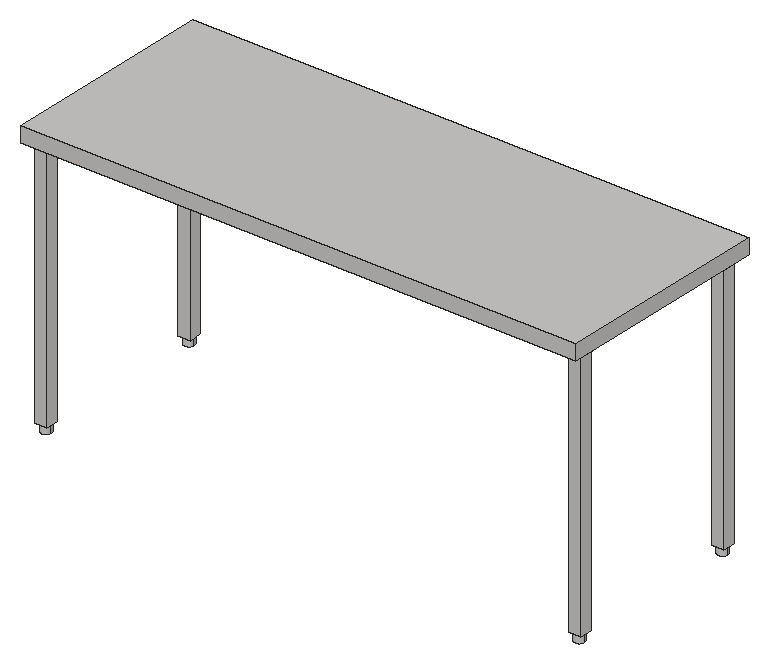
Revit family "QF_ELECTROLUXPROFESSIONAL_132843_WTD1807N", category Attrezzature speciali, Revit 2020
Family settings
  Quota connettore circolare = Usa diametro
  Tipo di parte = Normale
  Basato su piano di lavoro = No
  Sempre verticale = Sì
  Taglio con vuoti quando caricato = No
  Condiviso = No
  Punto di calcolo locali = No
Parameters (values of type "Standard")
  Weight = 57.00 kg
  Watts = 0 W
  Volts = 0 V
  URL Manufacturer = "https://www.electroluxprofessional.com/"
  URL = "https://www.electroluxprofessional.com/"
  Steam Supply Size = 0 mm
  Steam Supply Minimum Pressure = 0.0 Pa
  Steam Supply Maximum Pressure = 0.0 Pa
  Steam Consumption per Hour = 0
  Refrigeration Suction Line Size = 0.0 mm
  Refrigeration Liquid Line Size = 0.0 mm
  Refrigerant Compressor Remote = yes
  Prospetto di default = 0.0 mm
  Produttore = "Electrolux Professional"
  Phase = 0
  Modello = "WTD1807N"
  Length Actual = 1800.0 mm  # constant formula
  Item Number = "132843"
  Hot Water Size = 0 mm
  Height Actual = 900.0 mm  # constant formula
  HP = "0 HP"
  Gas Size = 0 mm
  Gas KW = 0
  Gas Input Pressure = 0 W
  Direct Waste Size = 0 mm
  Descrizione = "WORK TABLE-DISASSEMBLED 1800MM"
  Depth Actual = 700.0 mm  # constant formula
  Cycle = 0 Hz
  Condensate Return Size = 0 mm
  Compressed Air Volume = 0.0 L/s
  Compressed Air Size = 0 mm
  Compressed Air Pressure = 0.0 Pa
  Cold Water Size = 0 mm
  Accessory = yes
Reference planes
  plane 1 "Center (Front/Back)": y = 0
  plane 2: z = 0
  plane 3 "Center (Left/Right)": x = -400
  plane 4 "LEFT": x = -1300
  plane 5 "RIGHT": x = 500
  plane 6 "BACK": y = 350
  plane 7 "FRONT": y = -350
  plane 8 "Base": z = 850
  plane 9 "TOP": z = 900
  plane 10: x = -1264.5
  plane 11: x = 464.5
  plane 12: y = 290
  plane 13: y = -290
Forms (mm)
  Extrusion 1, solid, material "QF_Finishes_Stainless Steel"
    sketch origin (-400, 0, 0) x (0, 1, 0) y (0, 0, 1)
      loop
        line (-350, 850) -> (350, 850) -> (350, 900) -> (-350, 900) -> (-350, 850)
    from 900 to -900
Lines and regions (mm)
  symbolic lines
    curve 1: line (500, 350, 900) -> (-1300, 350, 900)
    curve 2: line (-1300, 350, 900) -> (-1300, -350, 900)
    curve 3: line (-1300, -350, 900) -> (500, -350, 900)
    curve 4: line (500, -350, 900) -> (500, 350, 900)
Dimensions and locks
  plane 4 "LEFT" to plane 5 "RIGHT" = 1800.0 mm
  equal spacing: plane 4 "LEFT", plane 3 "Center (Left/Right)", plane 5 "RIGHT"
  locked: plane 8 "Base" to level at 850
  plane 4 "LEFT" to plane 10 = 35.5 mm
  plane 11 to plane 5 "RIGHT" = 35.5 mm
  plane 10 to plane 11 = 1729.0 mm
  locked: plane 9 "TOP" to level at 900
  plane 6 "BACK" to plane 12 = 60.0 mm
  plane 13 to plane 7 "FRONT" = 60.0 mm
  plane 6 "BACK" to plane 7 "FRONT" = 700.0 mm
  plane 12 to plane 13 = 580.0 mm
  equal spacing: plane 6 "BACK", plane 1 "Center (Front/Back)", plane 7 "FRONT"
  aligned and locked: level to plane 2
  aligned and locked: plane 10 to nested 1
  aligned and locked: nested 1 to plane 13
  aligned and locked: plane 11 to nested 2
  aligned and locked: nested 2 to plane 13
  aligned and locked: plane 11 to nested 4
  aligned and locked: nested 4 to plane 12
  aligned and locked: plane 10 to nested 3
  aligned and locked: nested 3 to plane 12
  aligned and locked: Extrusion 1 to plane 4 "LEFT"
  aligned and locked: plane 5 "RIGHT" to Extrusion 1
  aligned and locked: curve 2 to plane 4 "LEFT"
Automatic sketch dimensions
  Extrusion 1 sketch curve to plane 7 "FRONT" = 0.0 mm
  Extrusion 1 sketch curve to plane 8 "Base" = 0.0 mm
  curve 3 to plane 7 "FRONT" = 0.0 mm
  curve 4 to plane 6 "BACK" = 0.0 mm
  Extrusion 1 sketch curve to plane 9 "TOP" = 0.0 mm
  Extrusion 1 sketch curve to plane 6 "BACK" = 0.0 mm
  curve 4 to plane 5 "RIGHT" = 0.0 mm
Nested families
  nested 1: "FEET_40x40" at (-1264.5, -290, 0), type "FEET_40x40"
  nested 2: "FEET_40x40" at (464.5, -290, 0), type "FEET_40x40"
  nested 3: "FEET_40x40" at (-1264.5, 290, 0), type "FEET_40x40"
  nested 4: "FEET_40x40" at (464.5, 290, 0), type "FEET_40x40"
Definition of nested family "FEET_40x40"
  Parameters
    Default Elevation = 0.0 mm
    FEET = 850.0 mm
  Reference planes
    plane 1 "Center (Front/Back)": y = 0
    plane 2: z = 0
    plane 3 "Center (Left/Right)": x = 0
    plane 4: z = 850
  Forms (mm)
    Extrusion 1, solid
      sketch origin (0, 0, 0) x (1, 0, 0) y (0, 1, 0)
        loop
          line (-20, -20) -> (20, -20) -> (20, 20) -> (-20, 20) -> (-20, -20)
      from 25 to 845
    Extrusion 2, solid
      sketch origin (0, 0, 0) x (1, 0, 0) y (0, 1, 0)
        loop
          circle (0, 0) r 16
      from 0 to 25
    Extrusion 3, solid
      sketch origin (0, 0, 0) x (1, 0, 0) y (0, 1, 0)
        loop
          line (30, 30) -> (-30, 30) -> (-30, -30) -> (30, -30) -> (30, 30)
      from 845 to 850
  Lines and regions (mm)
    symbolic lines
      curve 1: line (0, -1.503, 0) -> (0, 1.508, 0)
      curve 2: line (1.561, 0, 0) -> (-1.439, 0, 0)
  Dimensions and locks
    "FEET": plane 4 to plane 2
    aligned and locked: level to plane 2
  Automatic sketch dimensions
    Extrusion 1 sketch curve to plane 3 "Center (Left/Right)" = 20.0 mm
    plane 3 "Center (Left/Right)" to Extrusion 1 sketch curve = 20.0 mm
    plane 1 "Center (Front/Back)" to Extrusion 1 sketch curve = 20.0 mm
    Extrusion 1 sketch curve to plane 1 "Center (Front/Back)" = 20.0 mm
    plane 1 "Center (Front/Back)" to Extrusion 2 sketch curve = 0.0 mm
    Extrusion 2 sketch curve to plane 3 "Center (Left/Right)" = 0.0 mm
    plane 3 "Center (Left/Right)" to Extrusion 3 sketch curve = 30.0 mm
    Extrusion 3 sketch curve to plane 1 "Center (Front/Back)" = 30.0 mm
    Extrusion 3 sketch curve to plane 3 "Center (Left/Right)" = 30.0 mm
    plane 1 "Center (Front/Back)" to Extrusion 3 sketch curve = 30.0 mm
    plane 1 "Center (Front/Back)" to curve 2 = 0.0 mm
    curve 1 to plane 3 "Center (Left/Right)" = 0.0 mm
    curve 2 to plane 3 "Center (Left/Right)" = 1.439 mm
    plane 3 "Center (Left/Right)" to curve 2 = 1.561 mm
    plane 1 "Center (Front/Back)" to curve 1 = 1.503 mm
    curve 1 to plane 1 "Center (Front/Back)" = 1.508 mm
    radius of Extrusion 2 sketch curve = 16.0 mm
